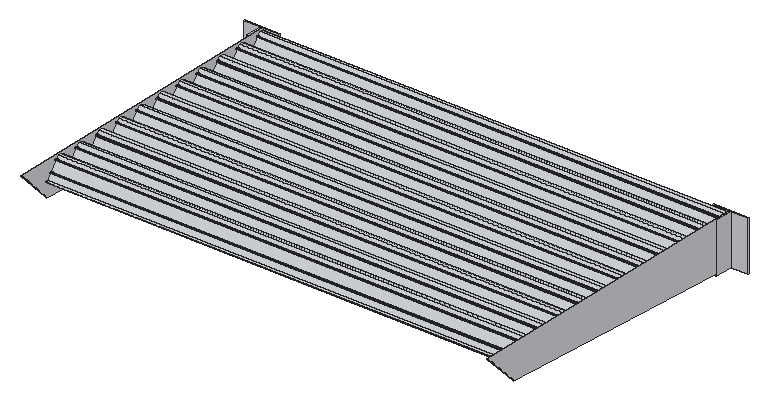
Revit family "Parasol Series", category Mechanical Equipment, Revit 2015
Parameters
  projection = 6' - 0"
  height = 1' - 0"
  blade spacing [instance] = 0' - 6"
  blade number [instance] = (projection - 0' 8 1/4") / blade spacing  # 11
  blade length [instance] = Overall Length - 0' 4 1/2" - 0' 4 1/2"  # 9' - 3"
  URL = "https://unitedenertech.com/catalog/pdf/C_8%20PARASOL%20SERIES.pdf"
  Type Comments = "96\"x84\" Max Size"
  Overall Length = 10' - 0"
  Model = "Parasol Series"
  Manufacturer = "United Enertech"
  Z Blade Length [instance] = Overall Length - 0' 4 1/2" - 0' 4 1/2"  # 9' - 3"
  Keynote = "Consult factory for custom sizing"
  H1 = 0' - 8"
  Description = "1/4\" Aluminum Outrigger, \"Z\" bladed Sunshade"
Reference planes (in)
  plane 1 "Center (Front/Back)": y = 0
  plane 2: z = 0
  plane 3 "Center (Left/Right)": x = 0
  plane 4: y = 36
  plane 5: z = 6
  plane 6: z = -6
  plane 7: y = -36
  plane 8: x = -4.25
  plane 9: x = 55.75
  plane 10: x = 115.75
  plane 11: x = 111.5
  plane 12: x = 111.25
  plane 13: z = -2
  plane 14: z = 5.79874
  plane 15: y = 35.75
Forms (in)
  Extrusion 1, solid
    sketch origin (110.71228, 0, 0) x (0, 1, 0) y (0, 0, -1)
      loop
        line (36, 6) -> (-28.35897, 2) -> (-36, -6) -> (36, -6) -> (36, 6)
    from -0.78772 to -0.53772
  Extrusion 2, solid
    sketch origin (-12.15964, -12.65231, 0) x (1, 0, 0) y (0, 1, 0)
      loop
        line (7.85245, 48.65231) -> (11.85245, 48.65231) -> (11.85245, 44.65231) -> (12.15964, 44.65231) -> (12.15964, 48.65231) -> (16.15964, 48.65231) -> (16.15964, 48.90231) -> (7.85245, 48.90231) -> (7.85245, 48.65231)
    from -6 to 6
  Extrusion 3, solid
    sketch origin (3.60147, -7.0543, 0) x (1, 0, 0) y (0, 1, 0)
      loop
        line (103.89853, 43.0543) -> (107.89853, 43.0543) -> (107.89853, 39.0543) -> (108.14853, 39.0543) -> (108.14853, 43.0543) -> (112.14853, 43.0543) -> (112.14853, 43.3043) -> (103.89853, 43.3043) -> (103.89853, 43.0543)
    from -6 to 6
  Extrusion 4, solid
    sketch origin (0.78772, 0, 0) x (0, 1, 0) y (0, 0, 1)
      loop
        line (36, -6) -> (36, 6) -> (-36, 6) -> (-28.35897, -2) -> (36, -6)
    from -0.78772 to -0.53772
Dimensions and locks (in)
  "height": plane 5 to plane 6
  equal spacing: plane 4, plane 1 "Center (Front/Back)", plane 7
  "projection": plane 4 to plane 7
  equal spacing: plane 8, plane 9, plane 10
  "Overall Length": plane 8 to plane 10
  locked: plane 11 to plane 10 at 4.25
  locked: plane 12 to plane 11 at 0.25
  "H1": plane 5 to plane 13
  locked: plane 4 to plane 15 at 0.25
  locked: plane 14 to plane 5 at 0.20126
  equal spacing: group 1, group 2, group 3, group 4, group 5, group 6, group 7, group 8, group 9, group 10, group 11  (x2)
  equal spacing: group 11, group 10, group 9, group 8, group 7, group 6, group 5, group 4, group 3, group 2, group 1
  "blade spacing": nested 1 to nested 2
  aligned and locked: level to plane 2
  aligned and locked: plane 12 to Extrusion 1
  aligned and locked: plane 4 to Extrusion 1 sketch curve  (x2)
  aligned and locked: Extrusion 2 to plane 4  (x2)
  aligned and locked: plane 3 "Center (Left/Right)" to Extrusion 2
  aligned and locked: plane 5 to Extrusion 2
  aligned and locked: Extrusion 3 to plane 4  (x2)
  aligned and locked: Extrusion 2 to plane 6
  aligned and locked: Extrusion 3 to plane 6
  aligned and locked: plane 11 to Extrusion 3
  aligned and locked: Extrusion 3 to plane 10
  aligned and locked: Extrusion 1 to plane 11
  aligned and locked: plane 6 to Extrusion 1 sketch curve
  aligned and locked: plane 5 to Extrusion 1 sketch curve
  aligned and locked: plane 7 to Extrusion 1 sketch curve
  aligned and locked: plane 13 to Extrusion 1 sketch curve
  aligned and locked: plane 9 to nested 1
  aligned and locked: nested 1 to plane 15
Automatic sketch dimensions
  plane 7 to Extrusion 1 sketch curve = 0' - 7.64103"
  Extrusion 2 sketch curve to plane 4 = 0' - 0"  (x2)
  Extrusion 2 sketch curve to plane 3 "Center (Left/Right)" = 0' - 0"
  Extrusion 2 sketch curve to Extrusion 2 sketch curve = 0' - 0.30718"
  Extrusion 2 sketch curve to plane 8 = 0' - 0.05718"
  plane 4 to Extrusion 2 sketch curve = 0' - 0 1/4"
  plane 3 "Center (Left/Right)" to Extrusion 2 sketch curve = 0' - 4"
  Extrusion 2 sketch curve to Extrusion 2 sketch curve = 0' - 4"
  Extrusion 3 sketch curve to plane 4 = 0' - 0"  (x2)
  Extrusion 3 sketch curve to plane 11 = 0' - 0"
  Extrusion 3 sketch curve to plane 10 = 0' - 0"
  Extrusion 3 sketch curve to plane 12 = 0' - 3 3/4"
  Extrusion 3 sketch curve to Extrusion 3 sketch curve = 0' - 0 1/4"
  Extrusion 3 sketch curve to plane 4 = 0' - 4"
  plane 4 to Extrusion 3 sketch curve = 0' - 0 1/4"
  Extrusion 4 sketch curve to plane 5 = 0' - 0"
  Extrusion 4 sketch curve to plane 7 = 0' - 0"
  Extrusion 4 sketch curve to plane 13 = 0' - 0"
  Extrusion 4 sketch curve to plane 4 = 0' - 0"
  Extrusion 4 sketch curve to plane 6 = 0' - 0"
  plane 7 to Extrusion 4 sketch curve = 0' - 7.64103"
Nested families (in)
  nested 1: "Parasol Z blade" at (55.75, 35.75, 0.75014), Length of blade <- "Z Blade Length", type "Parasol Z blade"
    with Length of blade 9' - 3"
  nested 2: "Parasol Z blade" at (55.75, 29.75, 0.75014), Length of blade <- "Z Blade Length", type "Parasol Z blade"
    with Length of blade 9' - 3"
  nested 3: "Parasol Z blade" at (55.75, 23.75, 0.75014), Length of blade <- "Z Blade Length", type "Parasol Z blade"
    with Length of blade 9' - 3"
  nested 4: "Parasol Z blade" at (55.75, 17.75, 0.75014), Length of blade <- "Z Blade Length", type "Parasol Z blade"
    with Length of blade 9' - 3"
  nested 5: "Parasol Z blade" at (55.75, 11.75, 0.75014), Length of blade <- "Z Blade Length", type "Parasol Z blade"
    with Length of blade 9' - 3"
  nested 6: "Parasol Z blade" at (55.75, 5.75, 0.75014), Length of blade <- "Z Blade Length", type "Parasol Z blade"
    with Length of blade 9' - 3"
  nested 7: "Parasol Z blade" at (55.75, -0.25, 0.75014), Length of blade <- "Z Blade Length", type "Parasol Z blade"
    with Length of blade 9' - 3"
  nested 8: "Parasol Z blade" at (55.75, -6.25, 0.75014), Length of blade <- "Z Blade Length", type "Parasol Z blade"
    with Length of blade 9' - 3"
  nested 9: "Parasol Z blade" at (55.75, -12.25, 0.75014), Length of blade <- "Z Blade Length", type "Parasol Z blade"
    with Length of blade 9' - 3"
  nested 10: "Parasol Z blade" at (55.75, -18.25, 0.75014), Length of blade <- "Z Blade Length", type "Parasol Z blade"
    with Length of blade 9' - 3"
  nested 11: "Parasol Z blade" at (55.75, -24.25, 0.75014), Length of blade <- "Z Blade Length", type "Parasol Z blade"
    with Length of blade 9' - 3"
Definition of nested family "Parasol Z blade"
  Parameters (values of type "Parasol Z blade")
    Length of blade [instance] = 5' - 0"
  Reference planes (in)
    plane 1 "Center (Front/Back)": y = 0
    plane 2: z = 0.08999
    plane 3 "Center (Left/Right)": x = 0
    plane 4: through (0, -4.05154, 1.00006) normal (0, 0.0007, 1)
    plane 5: x = -30
    plane 6: x = 30
  Forms (in)
    Extrusion 1, solid
      sketch origin (0, -5.56469, 0.53279) x (0, 0, -1) y (0, 1, 0)
        loop
          line (-4.19421, 5.48369) -> (-4.19488, 5.56469) -> (-4.51581, 5.56469) -> (-4.51633, 4.68156) -> (-3.82926, 4.1341)
          arc (-3.82926, 4.1341) -> (-3.91011, 4.061) -> (-3.92489, 3.95302) r 0.159
          line (-3.92489, 3.95302) -> (-3.84573, 3.97021)
          arc (-3.84573, 3.97021) -> (-3.71219, 4.03966) -> (-3.79212, 3.91211) r 0.078
          line (-3.79212, 3.91211) -> (-3.8156, 3.83458)
          arc (-3.8156, 3.83458) -> (-3.68528, 3.8519) -> (-3.61254, 3.96142) r 0.159
          line (-3.61254, 3.96142) -> (-1.81149, 2.52631)
          arc (-1.81149, 2.52631) -> (-1.90296, 2.42807) -> (-1.88665, 2.29483) r 0.159
          line (-1.88665, 2.29483) -> (-1.81792, 2.33769)
          arc (-1.81792, 2.33769) -> (-1.71386, 2.44716) -> (-1.7518, 2.30097) r 0.078
          line (-1.7518, 2.30097) -> (-1.75187, 2.21997)
          arc (-1.75187, 2.21997) -> (-1.6487, 2.25787) -> (-1.59477, 2.35363) r 0.159
          line (-1.59477, 2.35363) -> (-0.54804, 1.51958) -> (-0.54861, 0.66463) -> (-0.46785, 0.66402) -> (-0.46724, 1.55877) -> (-4.4351, 4.72041) -> (-4.43466, 5.48369) -> (-4.19421, 5.48369)
      from -30 to 30
  Dimensions and locks (in)
    equal spacing: plane 5, plane 3 "Center (Left/Right)", plane 6
    "Length of blade": plane 5 to plane 6
    aligned and locked: level to plane 2
    aligned and locked: Extrusion 1 to plane 1 "Center (Front/Back)"
    aligned and locked: plane 4 to Extrusion 1
    aligned and locked: plane 5 to Extrusion 1
    aligned and locked: Extrusion 1 to plane 6
  Automatic sketch dimensions
    Extrusion 1 sketch curve to Extrusion 1 sketch curve = 0' - 0"  (x12)
    Extrusion 1 sketch curve to plane 1 "Center (Front/Back)" = 0' - 0"
    Extrusion 1 sketch curve to plane 4 = 0' - 0"
    plane 4 to Extrusion 1 sketch curve = 0' - 0"
    plane 1 "Center (Front/Back)" to Extrusion 1 sketch curve = 0' - 0.88313"
    level to Extrusion 1 sketch curve = 0' - 4.95912"
    Extrusion 1 sketch curve to Extrusion 1 sketch curve = 0' - 0.00051"
    plane 1 "Center (Front/Back)" to Extrusion 1 sketch curve = 0' - 0.84428"
    Extrusion 1 sketch curve to Extrusion 1 sketch curve = 0' - 0.08122"
    plane 1 "Center (Front/Back)" to Extrusion 1 sketch curve = 0' - 0.081"
    Extrusion 1 sketch curve to Extrusion 1 sketch curve = 0' - 0.08115"
    Extrusion 1 sketch curve to Extrusion 1 sketch curve = 0' - 0.23978"
    Extrusion 1 sketch curve to Extrusion 1 sketch curve = 0' - 0.00067"
    plane 1 "Center (Front/Back)" to Extrusion 1 sketch curve = 0' - 1.61168"
    Extrusion 1 sketch curve to Extrusion 1 sketch curve = 0' - 0.51021"
    plane 1 "Center (Front/Back)" to Extrusion 1 sketch curve = 0' - 1.59449"
    Extrusion 1 sketch curve to Extrusion 1 sketch curve = 0' - 0.07916"
    plane 1 "Center (Front/Back)" to Extrusion 1 sketch curve = 0' - 1.43059"
    Extrusion 1 sketch curve to Extrusion 1 sketch curve = 0' - 0.01647"
    plane 1 "Center (Front/Back)" to Extrusion 1 sketch curve = 0' - 1.73011"
    Extrusion 1 sketch curve to Extrusion 1 sketch curve = 0' - 0.03014"
    plane 1 "Center (Front/Back)" to Extrusion 1 sketch curve = 0' - 1.65259"
    Extrusion 1 sketch curve to Extrusion 1 sketch curve = 0' - 0.05362"
    plane 1 "Center (Front/Back)" to Extrusion 1 sketch curve = 0' - 1.60328"
    level to Extrusion 1 sketch curve = 0' - 2.32944"
    Extrusion 1 sketch curve to Extrusion 1 sketch curve = 0' - 0.06873"
    Extrusion 1 sketch curve to Extrusion 1 sketch curve = 0' - 0.00643"
    Extrusion 1 sketch curve to Extrusion 1 sketch curve = 0' - 0.06605"
    Extrusion 1 sketch curve to Extrusion 1 sketch curve = 0' - 0.06612"
    Extrusion 1 sketch curve to Extrusion 1 sketch curve = 0' - 0.00007"
    Extrusion 1 sketch curve to Extrusion 1 sketch curve = 0' - 0.15697"
    level to Extrusion 1 sketch curve = 0' - 0.99141"
    Extrusion 1 sketch curve to Extrusion 1 sketch curve = 0' - 0.00057"
    Extrusion 1 sketch curve to Extrusion 1 sketch curve = 0' - 0.08077"
    Extrusion 1 sketch curve to Extrusion 1 sketch curve = 0' - 0.0808"
    Extrusion 1 sketch curve to Extrusion 1 sketch curve = 0' - 0.00061"
    Extrusion 1 sketch curve to Extrusion 1 sketch curve = 0' - 0.03919"
    Extrusion 1 sketch curve to Extrusion 1 sketch curve = 0' - 0.70039"
    Extrusion 1 sketch curve to Extrusion 1 sketch curve = 0' - 0.07486"
    Extrusion 1 sketch curve to Extrusion 1 sketch curve = 0' - 0.081"
    Extrusion 1 sketch curve to Extrusion 1 sketch curve = 0' - 0.03672"
